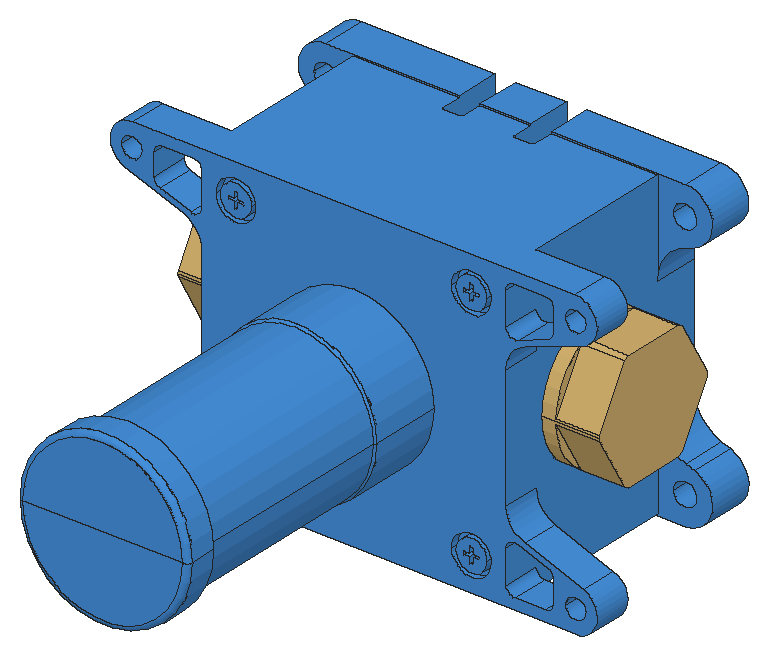
Revit family "Rough_In_Valve-GROHE-Rapido_C-35029000", category Pipe Accessories, Revit 2014
Parameters (values of type "35029000")
  Width = 4 5/16"
  Waste Connection = no
  Warranty Information = "Limited Lifetime Warranty"
  WFU = 4
  Vent Connection = no
  URL = "https://www.grohe.us"
  Tempered Water Connection Diameter = 1/2"
  Product Page URL = "https://www.grohe.us/en_us/rough-in-for-single-volume-control-27-623-35029000.html"
  Price = "Prices may vary. Please consult Manufacturer Representative for most up-to-date price list."  # constant formula
  Model = "35029000"
  Material = "Copper-Grohe-000-Brass"
  Manufacturer = "GROHE"
  Installation Type = "Wall Installation"
  IAPMO Compliance = "cUPC"
  Hot Water Connection Diameter = 1/2"
  Height = 2 15/16"
  HWFU = 3
  HW Connection = yes
  Description = "Rapido C Rough-in for single volume control 27 623"
  Default Elevation = 0"
  Creation Date = "2017/05/19"  # constant formula
  Cold Water Connection Radius = 1/4"
  Cold Water Connection Diameter = Cold Water Connection Radius * 2  # 1/2"
  CWFU = 2
  CW Connection = yes
  Assembly Code = "D2020"
Reference planes (in)
  plane 1 "Center (Front/Back)": y = 0
  plane 2: z = 0
  plane 3 "Center (Left/Right)": x = 0
  plane 4: z = 1.59375
  plane 5: z = -1.84375
  plane 6: x = -2.15625
  plane 7: x = 2.15625
  plane 8: z = 0.59055
  plane 9: z = -0.59055
  plane 10: x = -1.35409
  plane 11: x = 1.35409
Forms (in)
  Revolve 1, solid, material "Plastic-GROHE-Blue"
    sketch origin (0, 0, 0) x (1, 0, 0) y (0, 1, 0)
      loop
        line (-0.70669, -0.82379) -> (-0.70669, -1.60658) -> (-0.69094, -1.63386) -> (-0.69094, -3.48819) -> (-0.75787, -3.48819) -> (-0.75787, -3.71516)
        arc (-0.75787, -3.71516) -> (-0.74363, -3.74954) -> (-0.70925, -3.76378) r 0.04862
        line (-0.70925, -3.76378) -> (0, -3.76378) -> (0, -0.82379) -> (-0.70669, -0.82379)
      axis (0, -0.82379) -> (0, -3.76378)
    angle from 0 to 360
  Extrusion 2, solid, material "Plastic-GROHE-Blue"
    sketch origin (0, 0, 0) x (1, 0, 0) y (0, 0, 1)
      loop
        line (-1.96778, -1.34425) -> (1.96778, -1.34425)
        arc (1.96778, -1.34425) -> (2.15839, -1.18431) -> (2.03398, -0.96881) r 0.19356
        line (2.03398, -0.96881) -> (1.51329, -0.77929)
        arc (1.51329, -0.77929) -> (1.394, -0.68777) -> (1.34879, -0.54437) r 0.25
        line (1.34879, -0.54437) -> (1.34879, 0.54148)
        arc (1.34879, 0.54148) -> (1.394, 0.68488) -> (1.51329, 0.7764) r 0.25
        line (1.51329, 0.7764) -> (2.02816, 0.9638)
        arc (2.02816, 0.9638) -> (2.15517, 1.18379) -> (1.96058, 1.34707) r 0.19759
        line (1.96058, 1.34707) -> (-1.96058, 1.34707)
        arc (-1.96058, 1.34707) -> (-2.15517, 1.18379) -> (-2.02816, 0.9638) r 0.19759
        line (-2.02816, 0.9638) -> (-1.51329, 0.7764)
        arc (-1.51329, 0.7764) -> (-1.394, 0.68488) -> (-1.34879, 0.54148) r 0.25
        line (-1.34879, 0.54148) -> (-1.34879, -0.53868)
        arc (-1.34879, -0.53868) -> (-1.39547, -0.68674) -> (-1.51863, -0.78124) r 0.25813
        line (-1.51863, -0.78124) -> (-2.03398, -0.96881)
        arc (-2.03398, -0.96881) -> (-2.15839, -1.18431) -> (-1.96778, -1.34425) r 0.19356
      loop
        circle (-1.9685, 1.14173) r 0.09133
      loop
        circle (-1.9685, -1.14173) r 0.09133
      loop
        circle (1.9685, -1.14173) r 0.09133
      loop
        circle (1.9685, 1.14173) r 0.09133
      loop
        line (-1.4239, 1.25) -> (-1.69586, 1.25)
        arc (-1.69586, 1.25) -> (-1.74946, 1.2278) -> (-1.77165, 1.17421) r 0.07579
        line (-1.77165, 1.17421) -> (-1.77165, 0.97875)
        arc (-1.77165, 0.97875) -> (-1.75721, 0.93293) -> (-1.71909, 0.90368) r 0.07989
        line (-1.71909, 0.90368) -> (-1.4516, 0.80632)
        arc (-1.4516, 0.80632) -> (-1.38121, 0.81559) -> (-1.34843, 0.87857) r 0.07688
        line (-1.34843, 0.87857) -> (-1.34843, 1.17452)
        arc (-1.34843, 1.17452) -> (-1.37053, 1.22789) -> (-1.4239, 1.25) r 0.07548
      loop
        arc (-1.4239, -1.25) -> (-1.37053, -1.22789) -> (-1.34843, -1.17452) r 0.07548
        line (-1.34843, -1.17452) -> (-1.34843, -0.87857)
        arc (-1.34843, -0.87857) -> (-1.38121, -0.81559) -> (-1.4516, -0.80632) r 0.07688
        line (-1.4516, -0.80632) -> (-1.71909, -0.90368)
        arc (-1.71909, -0.90368) -> (-1.75721, -0.93293) -> (-1.77165, -0.97875) r 0.07989
        line (-1.77165, -0.97875) -> (-1.77165, -1.17421)
        arc (-1.77165, -1.17421) -> (-1.74946, -1.2278) -> (-1.69586, -1.25) r 0.07579
        line (-1.69586, -1.25) -> (-1.4239, -1.25)
      loop
        arc (1.4239, 1.25) -> (1.37053, 1.22789) -> (1.34843, 1.17452) r 0.07548
        line (1.34843, 1.17452) -> (1.34843, 0.87857)
        arc (1.34843, 0.87857) -> (1.38121, 0.81559) -> (1.4516, 0.80632) r 0.07688
        line (1.4516, 0.80632) -> (1.71909, 0.90368)
        arc (1.71909, 0.90368) -> (1.75721, 0.93293) -> (1.77165, 0.97875) r 0.07989
        line (1.77165, 0.97875) -> (1.77165, 1.17421)
        arc (1.77165, 1.17421) -> (1.74946, 1.2278) -> (1.69586, 1.25) r 0.07579
        line (1.69586, 1.25) -> (1.4239, 1.25)
      loop
        line (1.4239, -1.25) -> (1.69586, -1.25)
        arc (1.69586, -1.25) -> (1.74946, -1.2278) -> (1.77165, -1.17421) r 0.07579
        line (1.77165, -1.17421) -> (1.77165, -0.97875)
        arc (1.77165, -0.97875) -> (1.75721, -0.93293) -> (1.71909, -0.90368) r 0.07989
        line (1.71909, -0.90368) -> (1.4516, -0.80632)
        arc (1.4516, -0.80632) -> (1.38121, -0.81559) -> (1.34843, -0.87857) r 0.07688
        line (1.34843, -0.87857) -> (1.34843, -1.17452)
        arc (1.34843, -1.17452) -> (1.37053, -1.22789) -> (1.4239, -1.25) r 0.07548
    from 0.64961 to 0.98031
  Extrusion 3, solid, material "Plastic-GROHE-Blue"
    sketch origin (0, 0, 0) x (1, 0, 0) y (0, 0, 1)
      loop
        arc (-1.59436, 1.35816) -> (-1.83285, 1.15805) -> (-1.67719, 0.88843) r 0.24217
        line (-1.67719, 0.88843) -> (-1.59656, 0.85908)
        arc (-1.59656, 0.85908) -> (-1.41689, 0.72122) -> (-1.34879, 0.50524) r 0.37656
        line (-1.34879, 0.50524) -> (-1.34879, -0.50524)
        arc (-1.34879, -0.50524) -> (-1.41689, -0.72122) -> (-1.59656, -0.85908) r 0.37656
        line (-1.59656, -0.85908) -> (-1.67719, -0.88843)
        arc (-1.67719, -0.88843) -> (-1.83285, -1.15805) -> (-1.59436, -1.35816) r 0.24217
        line (-1.59436, -1.35816) -> (-0.41315, -1.35816)
        arc (-0.41315, -1.35816) -> (-0.39893, -1.36518) -> (-0.39583, -1.38074) r 0.01793
        line (-0.39583, -1.38074) -> (-0.43605, -1.53082)
        arc (-0.43605, -1.53082) -> (-0.43276, -1.54733) -> (-0.41766, -1.55477) r 0.01903
        line (-0.41766, -1.55477) -> (-0.21391, -1.55477)
        arc (-0.21391, -1.55477) -> (-0.19804, -1.54694) -> (-0.19458, -1.52958) r 0.02001
        line (-0.19458, -1.52958) -> (-0.23325, -1.38525)
        arc (-0.23325, -1.38525) -> (-0.22954, -1.36658) -> (-0.21247, -1.35816) r 0.02152
        line (-0.21247, -1.35816) -> (0.21247, -1.35816)
        arc (0.21247, -1.35816) -> (0.22954, -1.36658) -> (0.23325, -1.38525) r 0.02152
        line (0.23325, -1.38525) -> (0.19458, -1.52958)
        arc (0.19458, -1.52958) -> (0.19804, -1.54694) -> (0.21391, -1.55477) r 0.02001
        line (0.21391, -1.55477) -> (0.41766, -1.55477)
        arc (0.41766, -1.55477) -> (0.43276, -1.54733) -> (0.43605, -1.53082) r 0.01903
        line (0.43605, -1.53082) -> (0.39583, -1.38074)
        arc (0.39583, -1.38074) -> (0.39893, -1.36518) -> (0.41315, -1.35816) r 0.01793
        line (0.41315, -1.35816) -> (1.59436, -1.35816)
        arc (1.59436, -1.35816) -> (1.83285, -1.15805) -> (1.67719, -0.88843) r 0.24217
        line (1.67719, -0.88843) -> (1.59656, -0.85908)
        arc (1.59656, -0.85908) -> (1.41689, -0.72122) -> (1.34879, -0.50524) r 0.37656
        line (1.34879, -0.50524) -> (1.34879, 0.50524)
        arc (1.34879, 0.50524) -> (1.41689, 0.72122) -> (1.59656, 0.85908) r 0.37656
        line (1.59656, 0.85908) -> (1.67719, 0.88843)
        arc (1.67719, 0.88843) -> (1.83285, 1.15805) -> (1.59436, 1.35816) r 0.24217
        line (1.59436, 1.35816) -> (-1.59436, 1.35816)
      loop
        circle (1.59449, 1.10236) r 0.10433
      loop
        circle (1.59449, -1.10236) r 0.10433
      loop
        circle (-1.59449, 1.10236) r 0.10433
      loop
        circle (-1.59449, -1.10236) r 0.10433
    from -0.70079 to -1.09449
  Extrusion 4, solid, material "Copper-Grohe-000-Brass"
    sketch origin (0, 0, 0) x (0, 1, 0) y (0, 0, 1)
      loop
        circle (0, 0) r 0.59055
    from -1.87008 to 1.87008
  Extrusion 5, void
    sketch origin (0, 0, 0) x (0, 1, 0) y (0, 0, 1)
      loop
        line (0.60481, 0) -> (0.3024, 0.52378) -> (-0.3024, 0.52378) -> (-0.60481, 0) -> (-0.3024, -0.52378) -> (0.3024, -0.52378) -> (0.60481, 0)
      loop
        circle (0, 0) r 0.6692
    from 1.47794 to 2.15625
  Extrusion 6, void
    sketch origin (0, 0, 0) x (0, 1, 0) y (0, 0, -1)
      loop
        line (0.60481, 0) -> (0.3024, 0.52378) -> (-0.3024, 0.52378) -> (-0.60481, 0) -> (-0.3024, -0.52378) -> (0.3024, -0.52378) -> (0.60481, 0)
      loop
        circle (0, 0) r 0.6692
    from 1.47794 to 2.15625
  Extrusion 7, solid, material "Plastic-GROHE-Blue"
    sketch origin (0, 0, 0) x (1, 0, 0) y (0, 0, 1)
      loop
        line (-1.34843, 1.34707) -> (-1.34843, -1.34425) -> (1.34843, -1.34425) -> (1.34843, 1.34707) -> (-1.34843, 1.34707)
    from -0.70079 to 0.64961
  Extrusion 8, void
    sketch origin (0, 0, 0) x (1, 0, 0) y (0, 1, 0)
      loop
        line (-0.3869, 0.49601) -> (-0.24602, 0.49601)
        arc (-0.24602, 0.49601) -> (-0.23155, 0.502) -> (-0.22555, 0.51648) r 0.02047
        line (-0.22555, 0.51648) -> (-0.22555, 1.47401) -> (-0.40738, 1.47401) -> (-0.40738, 0.51648)
        arc (-0.40738, 0.51648) -> (-0.40138, 0.502) -> (-0.3869, 0.49601) r 0.02047
      loop
        arc (0.3869, 0.49601) -> (0.40138, 0.502) -> (0.40738, 0.51648) r 0.02047
        line (0.40738, 0.51648) -> (0.40738, 1.47401) -> (0.22555, 1.47401) -> (0.22555, 0.51648)
        arc (0.22555, 0.51648) -> (0.23155, 0.502) -> (0.24602, 0.49601) r 0.02047
        line (0.24602, 0.49601) -> (0.3869, 0.49601)
    from 0.80723 to 1.59375
  Extrusion 9, void
    sketch origin (0, 0, 0) x (1, 0, 0) y (0, 0, 1)
      loop
        circle (-1.04396, 1.04396) r 0.1378
      loop
        circle (-1.04396, 1.04396) r 0.17717
      loop
        line (-1.05966, 1.11471) -> (-1.05966, 1.0602) -> (-1.11417, 1.0602) -> (-1.11417, 1.02793) -> (-1.05966, 1.02793) -> (-1.05966, 0.97342) -> (-1.02738, 0.97342) -> (-1.02738, 1.02793) -> (-0.97287, 1.02793) -> (-0.97287, 1.0602) -> (-1.02738, 1.0602) -> (-1.02738, 1.11471) -> (-1.05966, 1.11471)
      loop
        circle (-1.04396, -1.04396) r 0.1378
      loop
        circle (-1.04396, -1.04396) r 0.17717
      loop
        line (-1.05966, -1.11471) -> (-1.02738, -1.11471) -> (-1.02738, -1.0602) -> (-0.97287, -1.0602) -> (-0.97287, -1.02793) -> (-1.02738, -1.02793) -> (-1.02738, -0.97342) -> (-1.05966, -0.97342) -> (-1.05966, -1.02793) -> (-1.11417, -1.02793) -> (-1.11417, -1.0602) -> (-1.05966, -1.0602) -> (-1.05966, -1.11471)
      loop
        circle (1.04396, 1.04396) r 0.1378
      loop
        circle (1.04396, 1.04396) r 0.17717
      loop
        line (1.05966, 1.11471) -> (1.02738, 1.11471) -> (1.02738, 1.0602) -> (0.97287, 1.0602) -> (0.97287, 1.02793) -> (1.02738, 1.02793) -> (1.02738, 0.97342) -> (1.05966, 0.97342) -> (1.05966, 1.02793) -> (1.11417, 1.02793) -> (1.11417, 1.0602) -> (1.05966, 1.0602) -> (1.05966, 1.11471)
      loop
        circle (1.04396, -1.04396) r 0.1378
      loop
        circle (1.04396, -1.04396) r 0.17717
      loop
        line (1.05966, -1.11471) -> (1.05966, -1.0602) -> (1.11417, -1.0602) -> (1.11417, -1.02793) -> (1.05966, -1.02793) -> (1.05966, -0.97342) -> (1.02738, -0.97342) -> (1.02738, -1.02793) -> (0.97287, -1.02793) -> (0.97287, -1.0602) -> (1.02738, -1.0602) -> (1.02738, -1.11471) -> (1.05966, -1.11471)
    from 0.91397 to 1.27303
Cuts and joins
  Extrusion 9 cuts Revolve 1
  Extrusion 5, Extrusion 8, Extrusion 9 cuts Extrusion 2
  Extrusion 8, Extrusion 9 cuts Extrusion 3
  Extrusion 8, Extrusion 9 cuts Extrusion 7
  joined: Revolve 1, Extrusion 2, Extrusion 3, Extrusion 7
  Extrusion 5, Extrusion 6, Extrusion 8 cuts Extrusion 4
Lines and regions (in)
  Masking region 1
    outline origin (0, 0, 0) x (1, 0, 0) y (0, 1, 0)
      loop
        line (-1.83653, 1.09449) -> (-1.83653, 0.70079) -> (-1.34843, 0.70079) -> (-1.34843, 0.59055) -> (-1.87008, 0.59055) -> (-1.87008, -0.58999) -> (-1.34843, -0.58999) -> (-1.34843, -0.64961) -> (-2.16133, -0.64961) -> (-2.16133, -0.98031) -> (-0.70669, -0.98031) -> (-0.70669, -1.60658) -> (-0.69094, -1.63386) -> (-0.69094, -3.48819) -> (-0.75787, -3.48819) -> (-0.75787, -3.71452)
        arc (-0.75787, -3.71452) -> (-0.74355, -3.7491) -> (-0.70897, -3.76343) r 0.0489
        line (-0.70897, -3.76343) -> (0.70897, -3.76343)
        arc (0.70897, -3.76343) -> (0.74355, -3.7491) -> (0.75787, -3.71452) r 0.0489
        line (0.75787, -3.71452) -> (0.75787, -3.48819) -> (0.69094, -3.48819) -> (0.69094, -1.63386) -> (0.70669, -1.60658) -> (0.70669, -0.98031) -> (2.16133, -0.98031) -> (2.16133, -0.64961) -> (1.34843, -0.64961) -> (1.34843, -0.58999) -> (1.87008, -0.58999) -> (1.87008, 0.59055) -> (1.34843, 0.59055) -> (1.34843, 0.70079) -> (1.83653, 0.70079) -> (1.83653, 1.09449) -> (-1.83653, 1.09449)
  symbolic lines, style "PlumbingFixtures", detail levels medium+fine
    curve 1: line (-1.34843, 0.59055, 0) -> (-1.34843, -0.58999, 0)
    curve 2: line (1.34843, -0.58999, 0) -> (1.34843, 0.59055, 0)
  symbolic lines, style "PlumbingFixtures", detail levels fine
    curve 3: line (-0.69094, -3.48819, 0) -> (0.69094, -3.48819, 0)
    curve 4: line (-0.69094, -1.63386, 0) -> (0.69094, -1.63386, 0)
    curve 5: line (-0.70669, -1.60658, 0) -> (0.70669, -1.60658, 0)
    curve 6: line (-0.70669, -0.98031, 0) -> (0.70669, -0.98031, 0)
    curve 7: line (-1.47794, -0.58999, 0) -> (-1.47794, -0.31722, 0)
    curve 8: line (-1.47794, -0.31722, 0) -> (-1.87008, -0.31722, 0)
    curve 9: line (-1.87008, -0.27277, 0) -> (-1.47794, -0.27277, 0)
    curve 10: line (-1.47794, -0.27277, 0) -> (-1.47794, 0.27277, 0)
    curve 11: line (-1.47794, 0.27277, 0) -> (-1.87008, 0.27277, 0)
    curve 12: line (-1.87008, 0.31722, 0) -> (-1.47794, 0.31722, 0)
    curve 13: line (-1.47794, 0.31722, 0) -> (-1.47794, 0.58999, 0)
    curve 14: line (-0.40738, 1.09449, 0) -> (-0.40738, 0.51648, 0)
    curve 15: arc (-0.40738, 0.51648, 0) -> (-0.40138, 0.502, 0) -> (-0.3869, 0.49601, 0) r 0.02047
    curve 16: line (-0.3869, 0.49601, 0) -> (-0.24602, 0.49601, 0)
    curve 17: arc (-0.24602, 0.49601, 0) -> (-0.23155, 0.502, 0) -> (-0.22555, 0.51648, 0) r 0.02047
    curve 18: line (-0.22555, 0.51648, 0) -> (-0.22555, 1.09449, 0)
    curve 19: line (1.47794, -0.58999, 0) -> (1.47794, -0.31722, 0)
    curve 20: line (1.47794, -0.31722, 0) -> (1.87008, -0.31722, 0)
    curve 21: line (1.87008, -0.27277, 0) -> (1.47794, -0.27277, 0)
    curve 22: line (1.47794, -0.27277, 0) -> (1.47794, 0.27277, 0)
    curve 23: line (1.47794, 0.27277, 0) -> (1.87008, 0.27277, 0)
    curve 24: line (1.87008, 0.31722, 0) -> (1.47794, 0.31722, 0)
    curve 25: line (1.47794, 0.31722, 0) -> (1.47794, 0.58999, 0)
    curve 26: line (0.40738, 1.09449, 0) -> (0.40738, 0.51648, 0)
    curve 27: arc (0.40738, 0.51648, 0) -> (0.40138, 0.502, 0) -> (0.3869, 0.49601, 0) r 0.02047
    curve 28: line (0.3869, 0.49601, 0) -> (0.24602, 0.49601, 0)
    curve 29: arc (0.24602, 0.49601, 0) -> (0.23155, 0.502, 0) -> (0.22555, 0.51648, 0) r 0.02047
    curve 30: line (0.22555, 0.51648, 0) -> (0.22555, 1.09449, 0)
Dimensions and locks (in)
  equal spacing: plane 6, plane 3 "Center (Left/Right)", plane 7
  "Width": plane 6 to plane 7
Automatic sketch dimensions
  Revolve 1 sketch curve to plane 3 "Center (Left/Right)" = 0"  (x2)
  Revolve 1 sketch curve to plane 3 "Center (Left/Right)" = 0.69094"
  Revolve 1 sketch curve to plane 3 "Center (Left/Right)" = 0.70669"
  Revolve 1 sketch curve to Revolve 1 sketch curve = 0.01831"
  Revolve 1 sketch curve to Revolve 1 sketch curve = 0.04862"
  plane 1 "Center (Front/Back)" to Revolve 1 sketch curve = 3.76378"
  Revolve 1 sketch curve to Revolve 1 sketch curve = 0.22697"
  plane 1 "Center (Front/Back)" to Revolve 1 sketch curve = 1.63386"
  Revolve 1 sketch curve to Revolve 1 sketch curve = 0.02728"
  plane 1 "Center (Front/Back)" to Revolve 1 sketch curve = 0.82379"
  Revolve 1 sketch curve to plane 1 "Center (Front/Back)" = 1.8242"
  Revolve 1 sketch curve to Revolve 1 sketch curve = 1/2"
  plane 6 to Extrusion 2 sketch curve = 0.12227"
  plane 6 to Extrusion 2 sketch curve = 0.12809"
  Extrusion 2 sketch curve to Extrusion 2 sketch curve = 0.06547"
  Extrusion 2 sketch curve to Extrusion 2 sketch curve = 0.05966"
  Extrusion 2 sketch curve to Extrusion 2 sketch curve = 0.00073"  (x2)
  Extrusion 2 sketch curve to Extrusion 2 sketch curve = 0.00792"  (x2)
  Extrusion 2 sketch curve to Extrusion 2 sketch curve = 0.19685"
  Extrusion 2 sketch curve to Extrusion 2 sketch curve = 0.18893"  (x2)
  Extrusion 2 sketch curve to plane 8 = 0.31313"
  Extrusion 2 sketch curve to Extrusion 2 sketch curve = 0.05257"  (x2)
  Extrusion 2 sketch curve to plane 9 = 0.31313"
  Extrusion 2 sketch curve to Extrusion 2 sketch curve = 0.07579"  (x3)
  Extrusion 2 sketch curve to Extrusion 2 sketch curve = 0.02732"  (x4)
  plane 9 to Extrusion 2 sketch curve = 0.05187"
  Extrusion 2 sketch curve to Extrusion 2 sketch curve = 0.11217"
  plane 8 to Extrusion 2 sketch curve = 0.04907"  (x2)
  Extrusion 2 sketch curve to Extrusion 2 sketch curve = 0.1203"
  Extrusion 2 sketch curve to plane 9 = 0.19069"
  Extrusion 2 sketch curve to Extrusion 2 sketch curve = 0.20045"
  Extrusion 2 sketch curve to plane 8 = 0.18585"  (x2)
  Extrusion 2 sketch curve to plane 9 = 0.21577"  (x2)
  Extrusion 2 sketch curve to Extrusion 2 sketch curve = 0.06703"
  Extrusion 2 sketch curve to plane 8 = 0.21577"  (x2)
  Extrusion 2 sketch curve to Extrusion 2 sketch curve = 0.06169"  (x3)
  Extrusion 2 sketch curve to Extrusion 2 sketch curve = 0.02629"  (x4)
  Extrusion 2 sketch curve to Extrusion 2 sketch curve = 0.27196"  (x2)
  Extrusion 2 sketch curve to Extrusion 2 sketch curve = 0.07688"  (x3)
  Extrusion 2 sketch curve to Extrusion 2 sketch curve = 0.07548"  (x3)
  plane 7 to Extrusion 2 sketch curve = 0.80782"  (x2)
  Extrusion 2 sketch curve to plane 4 = 0.41923"
  Extrusion 2 sketch curve to Extrusion 2 sketch curve = 0.00036"
  Extrusion 2 sketch curve to plane 9 = 0.18874"
  plane 9 to Extrusion 2 sketch curve = 0.04618"
  Extrusion 2 sketch curve to Extrusion 2 sketch curve = 0.17848"  (x2)
  Extrusion 2 sketch curve to Extrusion 2 sketch curve = 0.0041"  (x2)
  Extrusion 2 sketch curve to Extrusion 2 sketch curve = 0.07989"
  plane 7 to Extrusion 2 sketch curve = 0.18847"
  plane 7 to Extrusion 2 sketch curve = 0.12809"
  plane 7 to Extrusion 2 sketch curve = 0.12227"
  Extrusion 2 sketch curve to Extrusion 2 sketch curve = 0.16298"
  Extrusion 2 sketch curve to plane 9 = 0.55118"
  Extrusion 2 sketch curve to Extrusion 2 sketch curve = 0.00896"  (x2)
  Extrusion 2 sketch curve to Extrusion 2 sketch curve = 0.02351"
  Extrusion 2 sketch curve to Extrusion 2 sketch curve = 0.19546"  (x2)
  Extrusion 2 sketch curve to Extrusion 2 sketch curve = 0.19356"
  Extrusion 2 sketch curve to Extrusion 2 sketch curve = 0.12728"
  Extrusion 2 sketch curve to Extrusion 2 sketch curve = 0.01495"  (x2)
  Extrusion 2 sketch curve to Extrusion 2 sketch curve = 0.17793"  (x2)
  Extrusion 2 sketch curve to Extrusion 2 sketch curve = 0.00775"
  Extrusion 2 sketch curve to Extrusion 2 sketch curve = 0.02473"
  Extrusion 4 sketch curve to level = 0"
  Extrusion 4 sketch curve to plane 1 "Center (Front/Back)" = 0"
  Extrusion 5 sketch curve to level = 0"  (x3)
  Extrusion 5 sketch curve to plane 1 "Center (Front/Back)" = 0"
  plane 9 to Extrusion 5 sketch curve = 0.06677"
  plane 1 "Center (Front/Back)" to Extrusion 5 sketch curve = 0.3024"  (x2)
  plane 8 to Extrusion 5 sketch curve = 0.06677"
  Extrusion 5 sketch curve to Extrusion 5 sketch curve = 0.3024"  (x2)
  Extrusion 5 sketch curve to plane 1 "Center (Front/Back)" = 0.3024"  (x2)
  Extrusion 6 sketch curve to level = 0"  (x3)
  Extrusion 6 sketch curve to plane 1 "Center (Front/Back)" = 0"
  plane 9 to Extrusion 6 sketch curve = 0.06677"
  plane 1 "Center (Front/Back)" to Extrusion 6 sketch curve = 0.3024"  (x2)
  plane 8 to Extrusion 6 sketch curve = 0.06677"
  Extrusion 6 sketch curve to Extrusion 6 sketch curve = 0.3024"  (x2)
  Extrusion 6 sketch curve to plane 1 "Center (Front/Back)" = 0.3024"  (x2)
  plane 10 to Extrusion 7 sketch curve = 0.00566"
  plane 11 to Extrusion 7 sketch curve = 0.00566"
  plane 5 to Extrusion 7 sketch curve = 0.4995"
  Extrusion 7 sketch curve to plane 4 = 0.24668"
  plane 8 to Extrusion 3 sketch curve = 0.08531"  (x2)
  Extrusion 3 sketch curve to plane 10 = 0.37126"
  plane 9 to Extrusion 3 sketch curve = 0.08531"  (x2)
  Extrusion 3 sketch curve to plane 10 = 0.3231"  (x2)
  Extrusion 3 sketch curve to Extrusion 3 sketch curve = 0.08063"  (x4)
  Extrusion 3 sketch curve to Extrusion 3 sketch curve = 0.0827"  (x2)
  Extrusion 3 sketch curve to plane 10 = 0.24028"
  Extrusion 3 sketch curve to Extrusion 3 sketch curve = 0.00013"  (x3)
  plane 10 to Extrusion 3 sketch curve = 0.0053"
  Extrusion 3 sketch curve to plane 3 "Center (Left/Right)" = 0.43605"
  Extrusion 3 sketch curve to Extrusion 3 sketch curve = 0.01838"  (x2)
  Extrusion 3 sketch curve to Extrusion 3 sketch curve = 0.02289"
  Extrusion 3 sketch curve to Extrusion 3 sketch curve = 0.01732"  (x2)
  Extrusion 3 sketch curve to Extrusion 3 sketch curve = 0.16258"
  Extrusion 3 sketch curve to Extrusion 3 sketch curve = 0.01934"
  Extrusion 3 sketch curve to Extrusion 3 sketch curve = 0.02079"  (x2)
  Extrusion 3 sketch curve to Extrusion 3 sketch curve = 0.01933"  (x2)
  plane 3 "Center (Left/Right)" to Extrusion 3 sketch curve = 0.19458"
  Extrusion 3 sketch curve to Extrusion 3 sketch curve = 0.01789"
  Extrusion 3 sketch curve to Extrusion 3 sketch curve = 0.1799"
  Extrusion 3 sketch curve to Extrusion 3 sketch curve = 0.02183"
  plane 11 to Extrusion 3 sketch curve = 0.0053"
  Extrusion 3 sketch curve to plane 11 = 0.24028"  (x2)
  Extrusion 3 sketch curve to plane 11 = 0.24247"  (x2)
  Extrusion 3 sketch curve to plane 11 = 0.37126"  (x2)
  Extrusion 3 sketch curve to Extrusion 3 sketch curve = 0.02935"  (x4)
  Extrusion 3 sketch curve to Extrusion 3 sketch curve = 0.21393"  (x4)
  Extrusion 3 sketch curve to Extrusion 3 sketch curve = 0.01363"  (x3)
  Extrusion 3 sketch curve to Extrusion 3 sketch curve = 0.01793"  (x2)
  Extrusion 3 sketch curve to Extrusion 3 sketch curve = 0.02152"  (x2)
  Extrusion 3 sketch curve to Extrusion 3 sketch curve = 0.14433"  (x2)
  Extrusion 3 sketch curve to Extrusion 3 sketch curve = 0.15008"  (x2)
  Extrusion 3 sketch curve to Extrusion 3 sketch curve = 0.00518"  (x2)
  Extrusion 3 sketch curve to Extrusion 3 sketch curve = 0"  (x2)
  Extrusion 3 sketch curve to Extrusion 3 sketch curve = 0.00394"
  Extrusion 3 sketch curve to Extrusion 3 sketch curve = 0.01903"
  Extrusion 3 sketch curve to Extrusion 3 sketch curve = 0.00464"
  Extrusion 8 sketch curve to plane 3 "Center (Left/Right)" = 0.40738"
  Extrusion 8 sketch curve to Extrusion 8 sketch curve = 0.02047"  (x4)
  Extrusion 8 sketch curve to Extrusion 8 sketch curve = 0.14088"  (x2)
  Extrusion 8 sketch curve to Extrusion 8 sketch curve = 0.18183"
  plane 3 "Center (Left/Right)" to Extrusion 8 sketch curve = 0.22555"
  Extrusion 8 sketch curve to plane 1 "Center (Front/Back)" = 0.49601"
  Extrusion 8 sketch curve to Extrusion 8 sketch curve = 0.95753"
  Extrusion 8 sketch curve to Extrusion 8 sketch curve = 0"
  Extrusion 9 sketch curve to Extrusion 9 sketch curve = 0"  (x12)
  plane 10 to Extrusion 9 sketch curve = 0.23992"  (x2)
  Extrusion 9 sketch curve to Extrusion 9 sketch curve = 0.05451"  (x20)
  Extrusion 9 sketch curve to Extrusion 9 sketch curve = 0.0157"  (x3)
  Extrusion 9 sketch curve to Extrusion 9 sketch curve = 0.03228"  (x9)
  Extrusion 9 sketch curve to Extrusion 9 sketch curve = 0.01658"  (x3)
  plane 11 to Extrusion 9 sketch curve = 0.38121"  (x2)
  Extrusion 9 sketch curve to plane 9 = 0.52416"  (x2)
  Extrusion 9 sketch curve to Extrusion 9 sketch curve = 0.01625"  (x5)
  Extrusion 9 sketch curve to Extrusion 9 sketch curve = 0.01603"  (x4)
  Extrusion 9 sketch curve to plane 8 = 0.38287"  (x2)
  plane 10 to Masking region 1 sketch curve = 0.66314"
  plane 10 to Masking region 1 sketch curve = 0.64739"
  Masking region 1 sketch curve to Masking region 1 sketch curve = 0.01802"  (x2)
  Masking region 1 sketch curve to Masking region 1 sketch curve = 0.0489"  (x2)
  plane 10 to Masking region 1 sketch curve = 0.00566"  (x2)
  plane 6 to Masking region 1 sketch curve = 0.31972"
  plane 6 to Masking region 1 sketch curve = 0.28617"
  Masking region 1 sketch curve to plane 6 = 0.00508"
  plane 11 to Masking region 1 sketch curve = 0.66314"
  Masking region 1 sketch curve to Masking region 1 sketch curve = 0.01575"
  plane 11 to Masking region 1 sketch curve = 0.00566"  (x2)
  plane 7 to Masking region 1 sketch curve = 0.31972"
  Masking region 1 sketch curve to Masking region 1 sketch curve = 0.03355"
  Masking region 1 sketch curve to plane 7 = 0.00508"
  plane 1 "Center (Front/Back)" to Masking region 1 sketch curve = 3.76343"
  Masking region 1 sketch curve to Masking region 1 sketch curve = 0.22633"  (x2)
  plane 1 "Center (Front/Back)" to Masking region 1 sketch curve = 1.63386"
  Masking region 1 sketch curve to Masking region 1 sketch curve = 0"
  Masking region 1 sketch curve to Masking region 1 sketch curve = 0.02728"  (x2)
  Masking region 1 sketch curve to Masking region 1 sketch curve = 0.62627"
  plane 1 "Center (Front/Back)" to Masking region 1 sketch curve = 0.98031"
  Masking region 1 sketch curve to Masking region 1 sketch curve = 0.33071"  (x2)
  Masking region 1 sketch curve to Masking region 1 sketch curve = 0.05961"  (x2)
  Masking region 1 sketch curve to plane 1 "Center (Front/Back)" = 0.59055"
  Masking region 1 sketch curve to Masking region 1 sketch curve = 0.11024"  (x2)
  Masking region 1 sketch curve to Masking region 1 sketch curve = 0.3937"  (x2)
  curve 12 to plane 10 = 0.12386"
  curve 7 to plane 10 = 0.12386"
  curve 11 to curve 12 = 0"  (x2)
  curve 14 to plane 3 "Center (Left/Right)" = 0.40738"
  curve 14 to curve 16 = 0.02047"
  curve 15 to curve 17 = 0.14088"
  curve 17 to curve 18 = 0.02047"
  plane 3 "Center (Left/Right)" to curve 30 = 0.22555"
  curve 29 to curve 28 = 0.02047"
  curve 29 to curve 28 = 0.14088"
  curve 27 to curve 26 = 0.02047"
  curve 25 to plane 11 = 0.12386"
  curve 22 to curve 24 = 0"
  curve 19 to curve 21 = 0"
  plane 1 "Center (Front/Back)" to curve 7 = 0.31722"
  plane 1 "Center (Front/Back)" to curve 19 = 0.31722"
  curve 19 to curve 22 = 0.04445"
  curve 7 to curve 9 = 0.04445"
  curve 11 to plane 1 "Center (Front/Back)" = 0.27277"
  curve 22 to plane 1 "Center (Front/Back)" = 0.27277"
  curve 22 to curve 25 = 0.04445"
  curve 10 to curve 12 = 0.04445"
  curve 16 to plane 1 "Center (Front/Back)" = 0.49601"
  curve 28 to plane 1 "Center (Front/Back)" = 0.49601"
  plane 6 to curve 9 = 0.28617"
  plane 6 to curve 12 = 0.28617"
  curve 8 to curve 9 = 0"
  plane 10 to curve 1 = 0.00566"
  plane 10 to curve 6 = 0.64739"
  curve 5 to curve 6 = 0"
  plane 10 to curve 3 = 0.66314"
  curve 5 to curve 4 = 0.01575"
  plane 11 to curve 4 = 0.66314"
  plane 11 to curve 3 = 0.66314"
  plane 11 to curve 6 = 0.64739"
  curve 4 to curve 5 = 0.01575"
  plane 11 to curve 2 = 0.00566"
  plane 7 to curve 23 = 0.28617"
  plane 7 to curve 21 = 0.28617"
  curve 20 to curve 21 = 0"
  curve 24 to curve 23 = 0"
  curve 19 to curve 19 = 0.27277"
  curve 2 to curve 19 = 0"
  curve 1 to curve 7 = 0.27277"
  curve 7 to curve 1 = 0"
  curve 6 to curve 2 = 0.39032"
  curve 5 to curve 6 = 0.62627"
  curve 4 to curve 5 = 0.02728"
  curve 3 to curve 4 = 1.85433"
  curve 12 to curve 13 = 0.27277"
  curve 24 to curve 25 = 0.27277"
  curve 25 to curve 2 = 0.00056"
  curve 13 to curve 1 = 0.00056"
  curve 18 to curve 18 = 0.57801"
  curve 14 to curve 18 = 0"
  curve 18 to curve 30 = 0"
  curve 30 to curve 26 = 0"
  radius of Extrusion 2 sketch curve = 0.09133"  (x4)
  radius of Extrusion 4 sketch curve = 0.59055"
  radius of Extrusion 5 sketch curve = 0.6692"
  radius of Extrusion 6 sketch curve = 0.6692"
  radius of Extrusion 3 sketch curve = 0.10433"  (x4)
  radius of Extrusion 9 sketch curve = 0.1378"  (x4)
  radius of Extrusion 9 sketch curve = 0.17717"  (x4)
Connectors (in)
  piping at (1.87008, 0, 0), diameter 0.5, driven by "Cold Water Connection Diameter"
    settings: on cut or joined group of Extrusion 4, Extrusion 5, Extrusion 6, Extrusion 8, index 1, connector inside diameter 24", connector length 0", flow factor 0, pipe flow 0 GPM, pressure drop 0.00 psi, fitting loss kfactor 0, connector angle 0.00°, fixture units 0, engagement length 0", angle of deflection 0.00°, flow configuration 0, flow direction 1, fitting loss method 0, system type 20, joint type 0, gender type 0, connector reference index 2, connector utility 0, adjustable connector no, is connector primary yes, connector description "1/2\" NPT CW Inlet"
  piping at (-1.87008, 0, 0), diameter 0.5, driven by "Hot Water Connection Diameter"
    settings: on cut or joined group of Extrusion 4, Extrusion 5, Extrusion 6, Extrusion 8, index 2, connector inside diameter 24", connector length 0", flow factor 0, pipe flow 0 GPM, pressure drop 0.00 psi, fitting loss kfactor 0, connector angle 0.00°, fixture units 0, engagement length 0", angle of deflection 0.00°, flow configuration 0, flow direction 1, fitting loss method 0, system type 19, joint type 0, gender type 0, connector reference index 1, connector utility 0, adjustable connector no, is connector primary no, connector description "1/2\" NPT HW Inlet"
